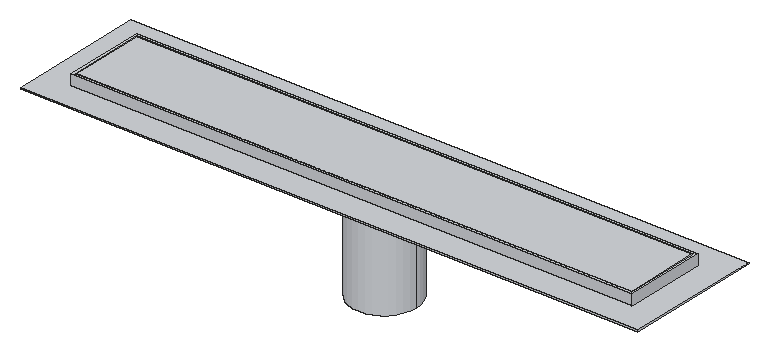
Revit family "Entwässerungsrinne", category Sanitärinstallationen, Revit 2020
Family settings
  Bemaßung runder Anschluss = Durchmesser verwenden
  Teiletyp = Normal
  Arbeitsebenenbasiert = Nein
  Immer vertikal = Ja
  Beim Laden mit Abzugskörper schneiden = Nein
  Gemeinsam genutzt = Nein
  Raumberechnungspunkt = Nein
Parameters (values of type "Rand 4.5mm")
  Übergangsbride [instance] = no
  mit Gefälle [instance] = no
  Zarge rechts [instance] = no
  Zarge links [instance] = no
  Vorgabe-Ansicht = 0 mm
  URL = "https://www.resitec.ch/"
  Tragstab 30mm [instance] = yes
  Tragstab 25mm [instance] = no
  Tragstab 20mm [instance] = no
  Rinnen L rechts [instance] = 500 mm
  Rinnen L links [instance] = 500 mm
  Rinnen Breite innen [instance] = 137 mm
  Zarge hinten [instance] = no
  RS_s002 = 1.8 mm
  RS_s001 = 3 mm
  RS_rechtsKR [instance] = if(Zarge rechts, L Rechts, L Rechts + RS_KR)  # 550 mm
  RS_randon [instance] = and(Zarge hinten, RS_KRon)  # no
  RS_linksKR [instance] = if(Zarge links, L Links, L Links + RS_KR)  # 550 mm
  RS_hts [instance] = if(Tragstab 20mm, 1 mm, if(Tragstab 25mm, 2 mm, if(Tragstab 30mm, 3 mm, 3 mm)))  # 3 mm
  RS_gefun [instance] = if(mit Gefälle, if(Gefälle H unten < Gefälle H oben + 2 mm, (Gefälle H oben + 2 mm), Gefälle H unten), Gefälle H oben)  # 60 mm
  RS_gefob [instance] = if(Gefälle H oben < RS_dim002, (RS_dim002 + RS_s002), Gefälle H oben)  # 60 mm
  RS_dimmin95 [instance] = 100 mm
  RS_dimk001 [instance] = D  # 114.7 mm
  RS_dim001 = 20 mm
  RS_dim002 [instance] = if(RS_hts = 1 mm, 20 mm + 2 mm, if(RS_hts = 2 mm, 25 mm + 2 mm, if(RS_hts = 3 mm, 30 mm + 2 mm, 32 mm)))  # 32 mm
  RS_dim003 = 80 mm
  RS_dia002 = 110 mm
  RS_dia001 [instance] = D  # 114.7 mm
  RS_breite Rand [instance] = 4.5 mm
  RS_b15 [instance] = (RS_breite Rand = 15 mm)  # no
  RS_ZargRon [instance] = and(Zarge rechts, RS_KRon)  # no
  RS_ZargLon [instance] = and(Zarge links, RS_KRon)  # no
  RS_RohrL [instance] = if(Länge Rohr < RS_gefun, ((RS_gefun + 10 mm) - RS_gefob), Länge Rohr)  # 150 mm
  RS_KRvorne [instance] = (Breite Aussen ref / 2) + RS_KR  # 123 mm
  RS_KRon [instance] = and(not(RS_b15), Kleberand)  # yes
  RS_KRhinten [instance] = if(Zarge hinten, (Breite Aussen ref / 2) + 2 mm, (Breite Aussen ref / 2) + RS_KR)  # 123 mm
  RS_KR [instance] = 50 mm  # constant formula
  RS_Hrand [instance] = H Rand  # 50 mm
  RS_DVol-T = 300 mm
  RS_DVol-L = 300 mm
  RS_DN2 = 0 mm
  RS_DN1d = 65 mm
  RS_DN1 = 40 mm
  RS_URL = "https://resitec.ch/entwaesserungstechnik/entwaesserungsrinnen/rinnen/"
  RS_Rost_Typ [instance] = "RS670K.40"
  RS_Manufacture = "Resitec"  # constant formula
  RS_Description [instance] = "VAR"
  RS_Articelnumber [instance] = "Entwässerungsrinne"
  Länge Rohr [instance] = 150 mm
  L Rechts Innen ref [instance] = L Rechts - RS_breite Rand  # 495.5 mm
  L Rechts [instance] = Rinnen L rechts  # 500 mm
  L Links innen ref [instance] = L Links - RS_breite Rand  # 495.5 mm
  L Links [instance] = Rinnen L links  # 500 mm
  Kleberand [instance] = yes
  Hersteller = RS_Manufacture  # "Resitec"
  H Rand [instance] = 50 mm
  Gefälle H unten [instance] = 80 mm
  Gefälle H oben [instance] = 60 mm
  D [instance] = 114.7 mm
  Breite Innen ref [instance] = Rinnen Breite innen  # 137 mm
  Breite Aussen ref [instance] = Rinnen Breite innen + (2 * RS_breite Rand)  # 146 mm
  Description = ""
  Baugruppenkennzeichen = "D2030300"
  Anschlusswert DU L/s = 0
  Rand Anschluss Rechts [instance] = no
  Rand Anschluss Links [instance] = no
Types (4, lengths in mm): name | mit Gefälle | Zarge links | Zarge hinten | RS_randon | RS_linksKR | RS_gefun | RS_gefob | RS_breite Rand | RS_b15 | RS_ZargLon | RS_KRvorne | RS_KRon | RS_KRhinten | RS_Hrand | RS_Description | L Rechts Innen ref | L Links innen ref | Kleberand | H Rand | Gefälle H unten | Gefälle H oben | Breite Aussen ref
  (no name) | no | no | no | no | 550 | 60 | 60 | 4.5 | no | no | 123 | yes | 123 | 50 | "VAR" | 495.5 | 495.5 | yes | 50 | 80 | 60 | 146
  Rand 18mm | yes | yes | yes | yes | 500 | 70 | 50 | 18 | no | yes | 136.5 | yes | 88.5 | 50 | "" | 482 | 482 | yes | 50 | 70 | 50 | 173
  Rand 15mm | yes | no | no | no | 550 | 70 | 50 | 15 | yes | no | 133.5 | no | 133.5 | 70 | "mit Gefälle" | 485 | 485 | no | 70 | 70 | 50 | 167
  Rand 4.5mm | no | no | no | no | 550 | 60 | 60 | 4.5 | no | no | 123 | yes | 123 | 50 | "VAR" | 495.5 | 495.5 | yes | 50 | 80 | 60 | 146
Reference planes
  plane 1 "Mitte (Vorne/hinten)": y = 0
  plane 2: z = 0
  plane 3 "Mitte (Links/rechts)": x = 0
  plane 4: x = -500
  plane 5: x = 500
  plane 6: y = 68.5
  plane 7: y = -68.5
  plane 8: y = 73
  plane 9: y = -73
  plane 10: x = -495.5
  plane 11: x = 495.5
  plane 12 "ebeneKBlech": z = -20
  plane 13: z = -32
  plane 14 "gefälleoben": z = -60
  plane 15: z = -60
  plane 16: y = 57.35
  plane 17: y = -57.35
  plane 18: y = 123
  plane 19: x = 550
  plane 20: y = -123
  plane 21: x = -550
  plane 22: z = -210
  plane 23: x = -494.5
  plane 24: y = -67.5
  plane 25: x = 494.5
  plane 26: y = 67.5
  plane 27: z = 30
Forms (mm)
  Extrusion 1, solid
    sketch origin (0, 0, 0) x (1, 0, 0) y (0, 1, 0)
      loop
        line (-500, 73) -> (-500, -73) -> (500, -73) -> (500, 73) -> (-500, 73)
      loop
        line (495.5, 68.5) -> (-495.5, 68.5) -> (-495.5, -68.5) -> (495.5, -68.5) -> (495.5, 68.5)
    from 0 to -20
  Extrusion 2, solid
    sketch origin (0, 0, -60) x (-1, 0, 0) y (0, -1, 0)
      loop
        circle (0, 0) r 57.35
    from 0 to -150
  Extrusion 3, solid
    sketch origin (0, 0, -20) x (-1, 0, 0) y (0, -1, 0)
      loop
        line (495.5, -68.5) -> (495.5, 68.5) -> (-495.5, 68.5) -> (-495.5, -68.5) -> (495.5, -68.5)
    from 0 to -12
  Extrusion 4, solid
    sketch origin (0, 0, -20) x (-1, 0, 0) y (0, -1, 0)
      loop
        line (494.5, -67.5) -> (494.5, 67.5) -> (-494.5, 67.5) -> (-494.5, -67.5) -> (494.5, -67.5)
    from 0 to 20
  Extrusion 5, solid
    sketch origin (-1040.409, -57.35, 1200) x (-1, 0, 0) y (0, 0, 1)
      loop
        line (-544.909, -1260) -> (-544.909, -1220) -> (-1535.909, -1220) -> (-1535.909, -1260) -> (-1040.409, -1260) -> (-544.909, -1260)
    from 0 to 114.7
  Extrusion 6, solid, visible <- "RS_randon"
    sketch origin (0, 0, -20) x (-1, 0, 0) y (0, -1, 0)
      loop
        line (550, -123) -> (550, -121.2) -> (-550, -121.2) -> (-550, -123) -> (550, -123)
    from 0 to 50
  Extrusion 7, solid, visible <- "RS_KRon"
    sketch origin (0, 0, -20) x (-1, 0, 0) y (0, -1, 0)
      loop
        line (550, -123) -> (550, 123) -> (-550, 123) -> (-550, -123) -> (550, -123)
    from 0 to 2
  Extrusion 8, solid, visible <- "RS_ZargLon"
    sketch origin (0, 0, -20) x (-1, 0, 0) y (0, -1, 0)
      loop
        line (550, -123) -> (550, 123) -> (548.2, 123) -> (548.2, -123) -> (550, -123)
    from 0 to 50
  Extrusion 9, solid, visible <- "RS_ZargRon"
    sketch origin (0, 0, -20) x (-1, 0, 0) y (0, -1, 0)
      loop
        line (-550, -123) -> (-548.2, -123) -> (-548.2, 123) -> (-550, 123) -> (-550, -123)
    from 0 to 50
Dimensions and locks
  equal spacing: plane 7, plane 1 "Mitte (Vorne/hinten)", plane 6
  "L Links": plane 4 to plane 3 "Mitte (Links/rechts)"
  "L Rechts": plane 3 "Mitte (Links/rechts)" to plane 5
  "Breite Innen ref": plane 6 to plane 7
  equal spacing: plane 9, plane 1 "Mitte (Vorne/hinten)", plane 8
  "Breite Aussen ref": plane 8 to plane 9
  "L Links innen ref": plane 10 to plane 3 "Mitte (Links/rechts)"
  "L Rechts Innen ref": plane 3 "Mitte (Links/rechts)" to plane 11
  "RS_dim001": level to plane 12 "ebeneKBlech"
  "RS_dim002": level to plane 13
  "RS_gefob": level to plane 14 "gefälleoben"
  "RS_gefun": level to plane 15
  equal spacing: plane 17, plane 1 "Mitte (Vorne/hinten)", plane 16
  "RS_dimk001": plane 16 to plane 17
  "RS_linksKR": plane 21 to plane 3 "Mitte (Links/rechts)"
  "RS_rechtsKR": plane 3 "Mitte (Links/rechts)" to plane 19
  "RS_KRhinten": plane 1 "Mitte (Vorne/hinten)" to plane 18
  "RS_KRvorne": plane 20 to plane 1 "Mitte (Vorne/hinten)"
  "RS_RohrL": plane 14 "gefälleoben" to plane 22
  locked: plane 26 to plane 6 at 1
  locked: plane 10 to plane 23 at 1
  locked: plane 25 to plane 11 at 1
  locked: plane 24 to plane 7 at 1
  "RS_s002": plane 18 to Extrusion 6 sketch curve
  "RS_Hrand": plane 27 to plane 12 "ebeneKBlech"
  "RS_s002": plane 21 to Extrusion 8
  "RS_s002": Extrusion 9 sketch curve to Extrusion 7
  "RS_dia001": diameter of Extrusion 2 sketch curve
  aligned and locked: level to plane 2
  aligned and locked: plane 6 to Extrusion 1 sketch curve
  aligned and locked: plane 11 to Extrusion 1 sketch curve
  aligned and locked: Extrusion 1 sketch curve to plane 7
  aligned and locked: Extrusion 1 sketch curve to plane 10
  aligned and locked: Extrusion 1 sketch curve to plane 8
  aligned and locked: Extrusion 1 sketch curve to plane 5
  aligned and locked: plane 9 to Extrusion 1 sketch curve
  aligned and locked: plane 4 to Extrusion 1 sketch curve
  aligned and locked: Extrusion 2 to plane 22
  aligned and locked: plane 14 "gefälleoben" to Extrusion 2
  aligned and locked: Extrusion 3 sketch curve to Extrusion 1  (x2)
  aligned and locked: plane 12 "ebeneKBlech" to Extrusion 3
  aligned and locked: Extrusion 4 sketch curve to plane 23
  aligned and locked: plane 25 to Extrusion 4 sketch curve
  aligned and locked: level to Extrusion 4
  aligned and locked: Extrusion 4 to plane 12 "ebeneKBlech"
  aligned and locked: Extrusion 1 to plane 12 "ebeneKBlech"
  aligned and locked: Extrusion 5 sketch curve to plane 10
  aligned and locked: plane 14 "gefälleoben" to Extrusion 5 sketch curve  (x2)
  aligned and locked: plane 3 "Mitte (Links/rechts)" to Extrusion 5 sketch curve
  aligned and locked: plane 11 to Extrusion 5 sketch curve
  aligned and locked: plane 12 "ebeneKBlech" to Extrusion 5 sketch curve
  aligned and locked: plane 16 to Extrusion 5
  aligned and locked: Extrusion 5 to plane 17
  aligned and locked: plane 21 to Extrusion 6 sketch curve
  aligned and locked: Extrusion 6 sketch curve to plane 18
  aligned and locked: Extrusion 6 sketch curve to plane 19
  aligned and locked: plane 27 to Extrusion 6
  aligned and locked: plane 19 to Extrusion 7
  aligned and locked: plane 20 to Extrusion 7
  aligned and locked: plane 18 to Extrusion 7
  aligned and locked: Extrusion 7 to plane 21
  aligned and locked: Extrusion 8 to plane 21
  aligned and locked: plane 20 to Extrusion 8
  aligned and locked: plane 18 to Extrusion 8
  aligned and locked: plane 19 to Extrusion 9
  aligned and locked: plane 20 to Extrusion 9
  aligned and locked: plane 18 to Extrusion 9
  aligned and locked: Extrusion 9 to Extrusion 6
  aligned and locked: Extrusion 6 to Extrusion 8
  aligned and locked: Extrusion 8 to plane 12 "ebeneKBlech"
  aligned and locked: Extrusion 9 to plane 12 "ebeneKBlech"
  aligned and locked: Extrusion 3 to plane 13
Automatic sketch dimensions
  plane 26 to Extrusion 4 sketch curve = 0 mm
  Extrusion 4 sketch curve to plane 24 = 0 mm
  Extrusion 5 sketch curve to plane 15 = 0 mm
  Extrusion 3 sketch curve to plane 11 = 0 mm
  Extrusion 3 sketch curve to plane 10 = 0 mm
  Extrusion 7 sketch curve to plane 18 = 0 mm
  Extrusion 7 sketch curve to plane 19 = 0 mm
  plane 20 to Extrusion 7 sketch curve = 0 mm
  Extrusion 7 sketch curve to plane 21 = 0 mm
  Extrusion 8 sketch curve to plane 18 = 0 mm
  plane 20 to Extrusion 8 sketch curve = 0 mm
  Extrusion 8 sketch curve to plane 21 = 0 mm
  plane 21 to Extrusion 8 sketch curve = 1.8 mm
  plane 1 "Mitte (Vorne/hinten)" to Extrusion 2 sketch curve = 0 mm
  Extrusion 2 sketch curve to plane 3 "Mitte (Links/rechts)" = 0 mm
  Extrusion 9 sketch curve to plane 19 = 0 mm
  Extrusion 9 sketch curve to plane 18 = 0 mm
  plane 20 to Extrusion 9 sketch curve = 0 mm
